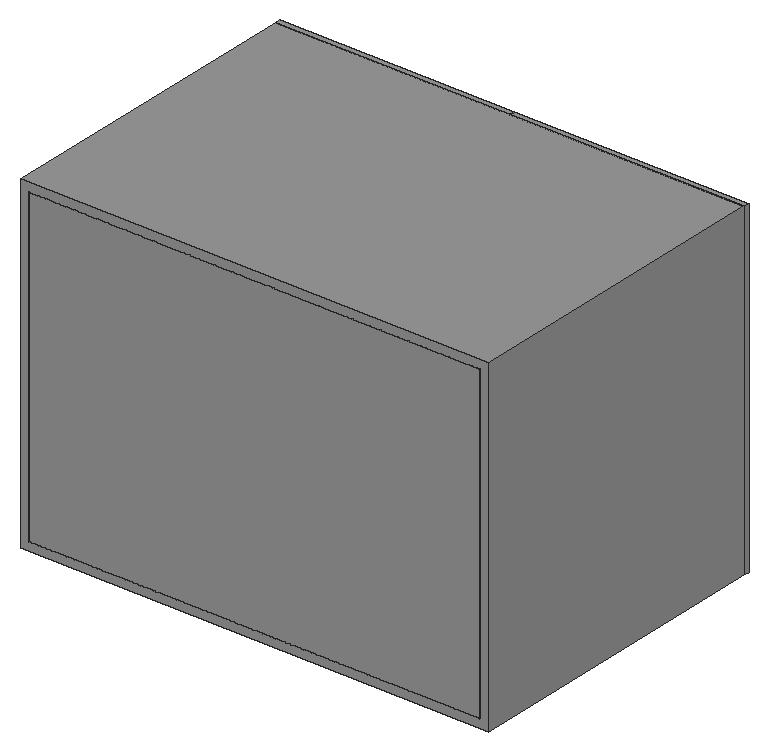
Revit family "АВЛН_Шкаф", category Мебель, Revit 2019
Family settings
  Номер OmniClass = 23.40.20.00
  Заголовок OmniClass = General Furniture and Specialties
  На основе рабочей плоскости = Нет
  Всегда вертикально = Да
  При загрузке вырезать с полостями = Нет
  Общий = Нет
  Точка расчета площади = Нет
Parameters (values of type "Ларь для белья ЛБ-1 из листовой стали, покрытие")
  Шкаф для белья = no
  Полки видимость = no
  Описание = "Ларь для белья ЛБ-1 из листовой стали, покрытие\r\nпорошковое полимерное.\r\n850х580х600...950мм"
  М.основы [instance] = Металл, с порошковым покрытием, белый
  М.дверей [instance] = Металл, с порошковым покрытием, белый
  Type Comments = ""
  Keynote = ""
  Manufacturer = ""
  Дверцы = yes
  Группа модели = "Оборудование основных помещений\r\nшколы"
  Вешалки = no
  ADSK_Размер_Ширина = 580 mm
  ADSK_Размер_Длина = 850 mm
  ADSK_Размер_Высота = 600 mm
  ADSK_Обозначение = "Практик AM 1891"
  ADSK_Масса = 0
  ADSK_Код изделия = ""
  ADSK_Единица измерения = "шт"  # constant formula
  2 отделения = no
Types (15, lengths in mm): name | Шкаф для белья | Полки видимость | Описание | М.основы | М.дверей | Manufacturer | Дверцы | Группа модели | Вешалки | ADSK_Размер_Ширина | ADSK_Размер_Длина | ADSK_Размер_Высота | ADSK_Обозначение
  (no name) | no | no | "Ларь для белья ЛБ-1 из листовой стали, покрытие\r\nпорошковое полимерное.\r\n850х580х600...950мм" | Металл, с порошковым покрытием, белый | Металл, с порошковым покрытием, белый | "" | yes | "Оборудование основных помещений\r\nшколы" | no | 580 | 850 | 600 | "Практик AM 1891"
  Шкаф для документов 800х428х2094мм | no | no | "Шкаф для документов; 800х428х2094мм;" | Деревянная обшивка, ДСП | Деревянная обшивка, ДСП | "Компания ФЕЛИКС" | yes | "Оборудование основных помещений школы" | no | 428 | 800 | 2094 | "ПК-СП-ШК209х80-\r\nС/ПВ7-49"
  Шкаф гардеробный на 2 отделения | no | no | "Шкаф гардеробный на 2 отделения;\r\nгаб.500х600х1850мм" | Деревянная обшивка, ДСП | Деревянная обшивка, ДСП | "Россия" | yes | "Оборудование основных помещений школы" | no | 500 | 600 | 1850 | ""
  Шкаф -гардероб 800х428х750мм | no | no | "Шкаф -гардероб; 800х428х750мм;" | Деревянная обшивка, ДСП | Деревянная обшивка, ДСП | "Компания ФЕЛИКС" | yes | "Оборудование основных помещений школы" | no | 428 | 800 | 750 | "ПК-СП-ШК75х80-\r\nВ3-49"
  Шкаф низкий для документов 800х428х750мм | no | yes | "Шкаф низкий для документов; 800х428х750мм;" | Деревянная обшивка, ДСП | Деревянная обшивка, ДСП | "Компания ФЕЛИКС" | no | "Оборудование основных помещений школы" | no | 428 | 800 | 750 | "ПК-СП-ШК75х80-\r\nВ3-49"
  Шкаф металлический для хранения дез.средств | no | yes | "Шкаф металлический для хранения дез.средств;\r\n700х300х1800мм" | Металл, с порошковым покрытием, белый | Металл, с порошковым покрытием, белый | "Риал Стил" | no | "Оборудование основных помещений школы" | no | 300 | 700 | 1800 | ""
  Шкаф для хранения читательских формуляров | no | no | "Шкаф для хранения читательских формуляров\r\n430х490х1150мм" | Деревянная обшивка, ДСП | Деревянная обшивка, ДСП | "" | yes | "Оборудование основных помещений школы" | no | 428 | 800 | 2094 | ""
  Шкаф каталожный (Картотека) 1050х480х1127мм | no | no | "Шкаф каталожный (Картотека) 1050х480х1127мм" | Деревянная обшивка, ДСП | Деревянная обшивка, ДСП | "" | yes | "Оборудование основных помещений школы" | no | 480 | 1050 | 1127 | ""
  Шкаф для инструментов, две полки, два выдвижных | no | no | "Шкаф для инструментов, две полки, два выдвижных\r\nящика; габ. 1000х500х1900мм" | Деревянная обшивка, ДСП | Деревянная обшивка, ДСП | "Россия" | yes | "Оборудование основных помещений школы" | no | 500 | 1000 | 1900 | "КД-02-И"
  Шкаф для белья ШМБО-"МСК" МД-505.01 1800х860х380мм | yes | no | "Шкаф для белья ШМБО-\"МСК\" МД-505.01 из\r\nламинированной ДСП 1800х860х380мм" | Деревянная обшивка, ДСП | Деревянная обшивка, ДСП | "Торговая сеть" | yes | "Оборудование основных помещений школы" | no | 380 | 860 | 1800 | "ШМБО-\"МСК\"\r\nМД-505.01"
  Шкаф сушильный 410х470х605 | no | no | "Шкаф сушильный 410х470х605; Э1Ф; 0,5кВт" | Деревянная обшивка, ДСП | Деревянная обшивка, ДСП | "" | no | "Оборудование основных помещений школы" | no | 410 | 470 | 605 | ""
  Шкаф металлический 1000х500х1850мм | no | no | "Шкаф металлический, 1000х500х1850мм;\r\nпорошковое покрытие" | Металл, с порошковым покрытием, белый | Металл, с порошковым покрытием, белый | "" | yes | "Артистрические" | no | 500 | 1000 | 1850 | "Практик AM 1891"
  Шкаф гардеробный, 2200х600х1780мм | no | no | "Шкаф гардеробный, 2200х600х1780мм" | Деревянная обшивка, ДСП | Деревянная обшивка, ДСП | "" | yes | "Артистрические" | yes | 600 | 2200 | 1780 | "Практик AM 1891"
  Универсальный стеллаж для хранения инвентаря | no | no | "Универсальный стеллаж для хранения инвентаря\r\n(закрыт.тип)" | Деревянная обшивка, ДСП | Деревянная обшивка, ДСП | "" | yes | "Оборудование Спортивной зоны" | no | 490 | 1250 | 1850 | ""
  Ларь для белья ЛБ-1 из листовой стали, покрытие | no | no | "Ларь для белья ЛБ-1 из листовой стали, покрытие\r\nпорошковое полимерное.\r\n850х580х600...950мм" | Металл, с порошковым покрытием, белый | Металл, с порошковым покрытием, белый | "" | yes | "Оборудование основных помещений\r\nшколы" | no | 580 | 850 | 600 | "Практик AM 1891"
Reference planes
  plane 1 "По центру (Вперед/Назад)": y = 0
  plane 2: z = 0
  plane 3 "По центру (Влево/Вправо)": x = 0
  plane 4: z = 600
  plane 5: y = 290
  plane 6: x = 425
  plane 7: x = -425
  plane 8: y = -290
  plane 9: z = 400
  plane 10: z = 200
Forms (mm)
  Sweep 1, solid, material "Металл, с порошковым покрытием, белый" <- "М.основы"
    path origin (0, 0, 0) x (1, 0, 0) y (0, 0, 1)
      loop
        line (-425, 0) -> (425, 0) -> (425, 600) -> (-425, 600) -> (-425, 0)
    profile origin (0, 0, 0) x (0, 0, 1) y (0, -1, 0)
      loop
        line (0, -290) -> (15, -290) -> (15, 290) -> (0, 290) -> (0, -290)
  Extrusion 2, solid, material "Металл, с порошковым покрытием, белый" <- "М.основы"
    sketch origin (0, 0, 0) x (0, 1, 0) y (0, 0, 1)
      loop
        line (-290, 585) -> (-290, 15) -> (-280, 15) -> (-280, 585) -> (-290, 585)
    from -410 to 410
  Extrusion 3, solid, material "Металл, с порошковым покрытием, белый" <- "М.основы", visible <- "2 отделения"
    sketch origin (0, 0, 0) x (1, 0, 0) y (0, 0, 1)
      loop
        line (7.5, 585) -> (-7.5, 585) -> (-7.5, 15) -> (7.5, 15) -> (7.5, 585)
    from -290 to 280
  Extrusion 4, solid, material "Металл, с порошковым покрытием, белый" <- "М.дверей", visible <- "Дверцы"
    sketch origin (0, 500, 0) x (0, 1, 0) y (0, 0, 1)
      loop
        line (-210, 600) -> (-210, 0) -> (-200, 0) -> (-200, 600) -> (-210, 600)
    from 0 to 425
  Extrusion 5, solid, material "Металл, с порошковым покрытием, белый" <- "М.дверей", visible <- "Дверцы"
    sketch origin (-920, 500, 0) x (0, 1, 0) y (0, 0, 1)
      loop
        line (-210, 600) -> (-210, 0) -> (-200, 0) -> (-200, 600) -> (-210, 600)
    from 495 to 920
  Extrusion 6, solid, material "Металл, с порошковым покрытием, белый" <- "М.основы", visible <- "Полки видимость"
    sketch origin (0, 0, 0) x (1, 0, 0) y (0, 0, 1)
      loop
        line (-410, 400) -> (410, 400) -> (410, 415) -> (-410, 415) -> (-410, 400)
      loop
        line (-410, 200) -> (410, 200) -> (410, 215) -> (-410, 215) -> (-410, 200)
    from -259.918 to 280
Lines and regions (mm)
  symbolic lines, visible <- "Шкаф для белья"
    curve 1: line (-425, -290, 592.976) -> (425, 290, 592.976)
    curve 2: line (425, -290, 592.976) -> (-425, 290, 592.976)
  symbolic lines, visible <- "Вешалки"
    curve 3: line (550, 300, 592.976) -> (550, -290, 592.976)
    curve 4: line (550, 5, 592.976) -> (-1085, 5, 592.976)
    curve 5: line (550, -15, 592.976) -> (-1085, -15, 592.976)
    curve 6: line (-1061.328, 196.046, 592.976) -> (-1040.394, -203.406, 592.976)
    curve 7: line (-993.982, 196.046, 592.976) -> (-1014.917, -203.406, 592.976)
    curve 8: line (-901.328, 196.046, 592.976) -> (-880.394, -203.406, 592.976)
    curve 9: line (-833.982, 196.046, 592.976) -> (-854.917, -203.406, 592.976)
    curve 10: line (-701.328, 196.046, 592.976) -> (-680.394, -203.406, 592.976)
    curve 11: line (-633.982, 196.046, 592.976) -> (-654.917, -203.406, 592.976)
    curve 12: line (-501.328, 196.046, 592.976) -> (-480.394, -203.406, 592.976)
    curve 13: line (-433.982, 196.046, 592.976) -> (-454.917, -203.406, 592.976)
    curve 14: line (-301.328, 196.046, 592.976) -> (-280.394, -203.406, 592.976)
    curve 15: line (-233.982, 196.046, 592.976) -> (-254.917, -203.406, 592.976)
    curve 16: line (-121.328, 196.046, 592.976) -> (-100.394, -203.406, 592.976)
    curve 17: line (-53.982, 196.046, 592.976) -> (-74.917, -203.406, 592.976)
    curve 18: line (78.672, 196.046, 592.976) -> (99.606, -203.406, 592.976)
    curve 19: line (146.018, 196.046, 592.976) -> (125.083, -203.406, 592.976)
    curve 20: line (218.672, 196.046, 592.976) -> (239.606, -203.406, 592.976)
    curve 21: line (286.018, 196.046, 592.976) -> (265.083, -203.406, 592.976)
    curve 22: line (338.672, 196.046, 592.976) -> (359.606, -203.406, 592.976)
    curve 23: line (406.018, 196.046, 592.976) -> (385.083, -203.406, 592.976)
    curve 24: line (438.672, 196.046, 592.976) -> (459.606, -203.406, 592.976)
    curve 25: line (506.018, 196.046, 592.976) -> (485.083, -203.406, 592.976)
    curve 26: line (-210, 300, 592.976) -> (-210, -300, 592.976)
    curve 27: line (-190, 300, 592.976) -> (-190, -300, 592.976)
  symbolic lines, visible <- "Вешалки", not visible
    curve 28: line (550, 300, 592.976) -> (550, -290, 592.976)
    curve 29: line (550, 5, 592.976) -> (-1085, 5, 592.976)
    curve 30: line (550, -15, 592.976) -> (-1085, -15, 592.976)
    curve 31: line (-1061.328, 196.046, 592.976) -> (-1040.394, -203.406, 592.976)
    curve 32: line (-993.982, 196.046, 592.976) -> (-1014.917, -203.406, 592.976)
    curve 33: line (-901.328, 196.046, 592.976) -> (-880.394, -203.406, 592.976)
    curve 34: line (-833.982, 196.046, 592.976) -> (-854.917, -203.406, 592.976)
    curve 35: line (-701.328, 196.046, 592.976) -> (-680.394, -203.406, 592.976)
    curve 36: line (-633.982, 196.046, 592.976) -> (-654.917, -203.406, 592.976)
    curve 37: line (-501.328, 196.046, 592.976) -> (-480.394, -203.406, 592.976)
    curve 38: line (-433.982, 196.046, 592.976) -> (-454.917, -203.406, 592.976)
    curve 39: line (-301.328, 196.046, 592.976) -> (-280.394, -203.406, 592.976)
    curve 40: line (-233.982, 196.046, 592.976) -> (-254.917, -203.406, 592.976)
    curve 41: line (-121.328, 196.046, 592.976) -> (-100.394, -203.406, 592.976)
    curve 42: line (-53.982, 196.046, 592.976) -> (-74.917, -203.406, 592.976)
    curve 43: line (78.672, 196.046, 592.976) -> (99.606, -203.406, 592.976)
    curve 44: line (146.018, 196.046, 592.976) -> (125.083, -203.406, 592.976)
    curve 45: line (218.672, 196.046, 592.976) -> (239.606, -203.406, 592.976)
    curve 46: line (286.018, 196.046, 592.976) -> (265.083, -203.406, 592.976)
    curve 47: line (338.672, 196.046, 592.976) -> (359.606, -203.406, 592.976)
    curve 48: line (406.018, 196.046, 592.976) -> (385.083, -203.406, 592.976)
    curve 49: line (438.672, 196.046, 592.976) -> (459.606, -203.406, 592.976)
    curve 50: line (506.018, 196.046, 592.976) -> (485.083, -203.406, 592.976)
    curve 51: line (-210, 300, 592.976) -> (-210, -300, 592.976)
    curve 52: line (-190, 300, 592.976) -> (-190, -300, 592.976)
Dimensions and locks
  plane 2 to plane 4 = 600 mm
  equal spacing: plane 8, plane 1 "По центру (Вперед/Назад)", plane 5
  equal spacing: plane 7, plane 3 "По центру (Влево/Вправо)", plane 6
  "ADSK_Размер_Длина": plane 7 to plane 6
  "ADSK_Размер_Ширина": plane 5 to plane 8
  "ADSK_Размер_Высота": plane 2 to plane 4
  locked: Extrusion 2 sketch curve to plane 8 at 10
  locked: Sweep 1 sketch curve to Sweep 1 sketch curve at 15
  equal spacing: plane 6, plane 3 "По центру (Влево/Вправо)", plane 7
  equal spacing: Extrusion 3 sketch curve, plane 3 "По центру (Влево/Вправо)", Extrusion 3 sketch curve, locked at 7.5 each
  equal spacing: plane 4, plane 9, plane 10, plane 2
  locked: Extrusion 6 sketch curve to plane 9 at 15
  locked: Extrusion 6 sketch curve to Extrusion 6 sketch curve at 15
  locked: plane 5 to Extrusion 6 at 30.082
  aligned and locked: level to plane 2
  aligned and locked: Sweep 1 sketch curve to level
  aligned and locked: Sweep 1 sketch curve to plane 7
  aligned and locked: Sweep 1 sketch curve to plane 4
  aligned and locked: plane 6 to Sweep 1 sketch curve
  aligned and locked: Sweep 1 sketch curve to profile plane
  aligned and locked: plane 5 to Sweep 1 sketch curve
  aligned and locked: Sweep 1 sketch curve to plane 8
  aligned and locked: Extrusion 2 sketch curve to Sweep 1  (x2)
  aligned and locked: Extrusion 2 sketch curve to plane 8
  aligned and locked: Extrusion 2 to Sweep 1  (x2)
  aligned and locked: Extrusion 3 sketch curve to Sweep 1  (x2)
  aligned and locked: Extrusion 3 to Sweep 1  (x2)
  aligned and locked: Sweep 1 to Extrusion 3
  aligned and locked: Extrusion 3 to Extrusion 2
  aligned and locked: Extrusion 4 to level
  aligned and locked: Extrusion 4 to plane 4
  aligned and locked: Extrusion 4 to plane 5
  aligned and locked: Extrusion 4 to plane 3 "По центру (Влево/Вправо)"
  aligned and locked: Extrusion 5 to level
  aligned and locked: Extrusion 5 to plane 4
  aligned and locked: plane 3 "По центру (Влево/Вправо)" to Extrusion 5
  aligned and locked: plane 6 to Extrusion 4
  aligned and locked: Extrusion 5 to plane 7
  aligned and locked: Extrusion 6 sketch curve to plane 10
  aligned and locked: Extrusion 6 sketch curve to Sweep 1  (x2)
  aligned and locked: Extrusion 6 to Extrusion 2
  aligned and locked: curve 2 to plane 6
  aligned and locked: plane 6 to curve 1
  aligned and locked: plane 7 to curve 2
  aligned and locked: curve 1 to plane 7
  aligned and locked: curve 1 to plane 5
  aligned and locked: plane 5 to curve 2
  aligned and locked: plane 8 to curve 1
  aligned and locked: curve 2 to plane 8
Automatic sketch dimensions
  Extrusion 3 sketch curve to plane 3 "По центру (Влево/Вправо)" = 7.5 mm
  Extrusion 4 sketch curve to level = 0 mm
  Extrusion 4 sketch curve to plane 5 = 0 mm
  plane 4 to Extrusion 4 sketch curve = 0 mm
  Extrusion 4 sketch curve to Extrusion 4 sketch curve = 10 mm
  Extrusion 5 sketch curve to level = 0 mm
  Extrusion 5 sketch curve to plane 5 = 0 mm
  plane 4 to Extrusion 5 sketch curve = 0 mm
  plane 5 to Extrusion 5 sketch curve = 10 mm
  Extrusion 6 sketch curve to plane 9 = 0 mm
  plane 7 to Extrusion 6 sketch curve = 15 mm
  Extrusion 6 sketch curve to plane 6 = 15 mm
